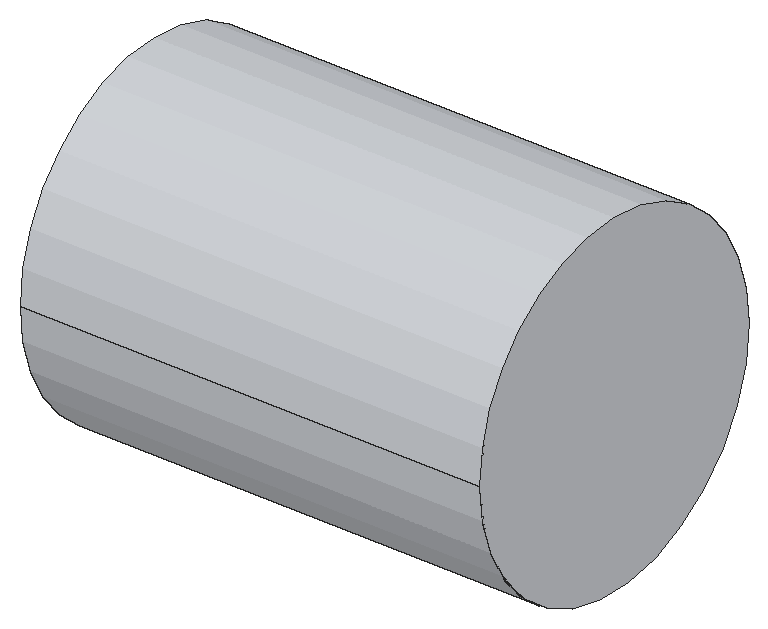
Revit family "Acoplamento do conduíte - Rosqueado - PVC", category Conexões do conduite, Revit 2019
Family settings
  Cota do conector redondo = Usar raio
  Tipo de parte = União
  Com base no plano de trabalho = Não
  Sempre na vertical = Sim
  Corte com vazios quando carregada = Não
  Compartilhado = Não
Parameters (values of type "Padrão")
  Raio nominal [instance] = 10 mm
  Diâmetro nominal [instance] = Raio nominal * 2  # 20 mm
  Comprimento [instance] = size_lookup(Pesquisa de tamanho de conduite, "Lgt", 0.64 * Diâmetro nominal + 24.5 mm, Diâmetro nominal)  # 37 mm
  Raio externo da conexão [instance] = Diâmetro externo da conexão / 2  # 13.5 mm
  Diâmetro externo da conexão [instance] = size_lookup(Pesquisa de tamanho de conduite, "FOD", Diâmetro nominal, Diâmetro nominal)  # 27 mm
  Pesquisa de tamanho de conduite = "BR_Conduit Coupling - Threaded - PVC"
Reference planes
  plane 1 "Centro (frente/trás)": y = 0
  plane 2: z = 0
  plane 3 "Centro (direita/esquerda)": x = 0
  plane 4: x = 37
Forms (mm)
  Extrusion 1, solid, detail levels fine
    sketch origin (0, 0, 0) x (0, 1, 0) y (0, 0, 1)
      loop
        circle (0, 0) r 13.5
    from 0 to 37
Lines and regions (mm)
  model lines, detail levels coarse+medium
    curve 1: line (0, 0, 0) -> (37, 0, 0)
Dimensions and locks
  "Comprimento": plane 3 "Centro (direita/esquerda)" to plane 4
  "Raio externo da conexão": radius of Extrusion 1 sketch curve
  aligned and locked: plane 3 "Centro (direita/esquerda)" to curve 1
  aligned and locked: plane 4 to curve 1
  aligned and locked: plane 1 "Centro (frente/trás)" to curve 1
  aligned and locked: plane 1 "Centro (frente/trás)" to Extrusion 1 sketch curve
  aligned and locked: plane 2 to Extrusion 1 sketch curve
  aligned and locked: Extrusion 1 to plane 3 "Centro (direita/esquerda)"
  aligned and locked: plane 4 to Extrusion 1
Connectors
  cabletrayconduit at (0, 0, 0), diameter 20, driven by "Raio nominal"
    settings: on Extrusion 1, index 1, connector width 304.8 mm, connector height 304.8 mm, connector angle 0.00°, system type 32, placement type 0, profile type 0, connector reference index 2, is primary connector yes, connector utility param no, connector description ""
  cabletrayconduit at (37, 0, 0), diameter 20, driven by "Raio nominal"
    settings: on Extrusion 1, index 2, connector width 304.8 mm, connector height 304.8 mm, connector angle 0.00°, system type 32, placement type 0, profile type 0, connector reference index 1, is primary connector no, connector utility param no, connector description ""
